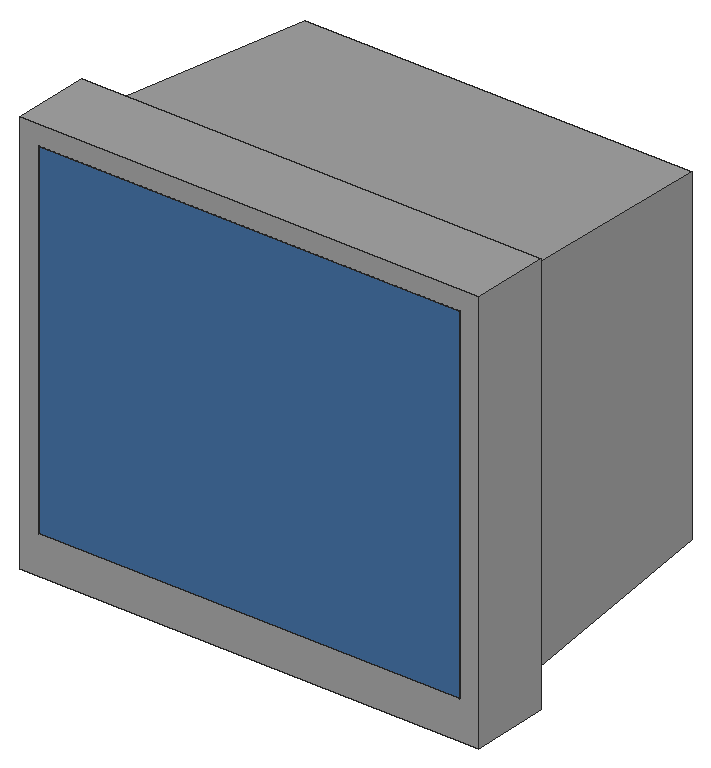
Revit family
Parameters (values of type "935mm Width")
  Material Screen = none
  Material = Plastic - Gray
  Keynote = "N"
  Depth = 635.00 mm
  Height = 825.00 mm
  Width = 935.00 mm
  Assembly Code = ""
Types (4, lengths in mm): name | Material Screen | Depth | Height | Width
  648mm Width | none | 513.00 | 595.00 | 648.00
  520mm Width | none | 468.00 | 445.00 | 520.00
  754mm Width | Glass - Grey, Dark | 546.00 | 686.00 | 754.00
  935mm Width | none | 635.00 | 825.00 | 935.00
Reference planes
  plane 1 "Center (Front/Back)": y = 0
  plane 2: z = 0
  plane 3 "Center (Left/Right)": x = 0
  plane 4: z = 825
  plane 5: y = -349.25
  plane 6: x = 467.5
  plane 7: x = -467.5
  plane 8: y = -190.5
  plane 9: x = -429.4
  plane 10: x = 429.4
  plane 11: x = -394.475
  plane 12: x = 394.475
  plane 13: z = 38.1
  plane 14: z = 76.2
  plane 15: z = 786.106
  plane 16: z = 748.006
  plane 17: y = 127
  plane 18: y = 285.75
  plane 19: y = -31.75
Forms (mm)
  Extrusion 1, solid, material "Plastic - Gray" <- "Material"
    sketch origin (0, 0, 0) x (1, 0, 0) y (0, 1, 0)
      loop
        line (-467.5, -190.5) -> (-467.5, -349.25) -> (467.5, -349.25) -> (467.5, -190.5) -> (-467.5, -190.5)
    from 0 to 825
  Blend 2, solid, material "Plastic - Gray" <- "Material"
    base sketch origin (-467.5, -349.25, 825) x (0, 0, -1) y (1, 0, 0)
      loop
        line (38.894, 38.1) -> (786.9, 38.1) -> (786.9, 896.9) -> (38.894, 896.9) -> (38.894, 38.1)
    top sketch origin (-467.5, -349.25, 825) x (0, 0, -1) y (1, 0, 0)
      loop
        line (76.994, 73.025) -> (748.8, 73.025) -> (748.8, 861.975) -> (76.994, 861.975) -> (76.994, 73.025)
    from -158.75 to -635
  Extrusion 3, void
    sketch origin (-467.5, -349.25, 825) x (0, 0, 1) y (1, 0, 0)
      loop
        line (-38.894, 38.1) -> (-38.894, 896.9) -> (-748.8, 896.9) -> (-748.8, 38.1) -> (-38.894, 38.1)
    from 0 to 14.728
  Extrusion 4, solid, material <- "Material Screen"
    sketch origin (-467.5, -349.25, 825) x (0, 0, -1) y (1, 0, 0)
      loop
        line (38.894, 38.1) -> (748.8, 38.1) -> (748.8, 896.9) -> (38.894, 896.9) -> (38.894, 38.1)
    from -14.728 to 0
Cuts and joins
  Extrusion 3 cuts Extrusion 1
  Extrusion 3 cuts Blend 2
Lines and regions (mm)
  Masking region 1
    outline origin (0, 0, 0) x (1, 0, 0) y (0, 1, 0)
      loop
        line (-394.475, 285.75) -> (-429.4, -190.5) -> (-467.5, -190.5) -> (-467.5, -349.25) -> (467.5, -349.25) -> (467.5, -189.25) -> (427.5, -189.25) -> (392.667, 285.75) -> (-394.475, 285.75)
  model lines
    curve 1: line (-429.4, -349.25, 76.2) -> (429.4, -349.25, 76.2)
    curve 2: line (-429.4, -349.25, 786.106) -> (-429.4, -349.25, 76.2)
    curve 3: line (429.4, -349.25, 786.106) -> (-429.4, -349.25, 786.106)
    curve 4: line (429.4, -349.25, 76.2) -> (429.4, -349.25, 786.106)
  symbolic lines
    curve 5: line (467.398, -349.25, 0) -> (-467.5, -349.25, 0)
    curve 6: line (-467.5, -349.25, 0) -> (-467.5, -190.5, 0)
    curve 7: line (-467.5, -190.5, 0) -> (-429.4, -190.5, 0)
    curve 8: line (-429.4, -190.5, 0) -> (-394.475, 285.75, 0)
    curve 9: line (-394.475, 285.75, 0) -> (394.475, 285.75, 0)
    curve 10: line (394.475, 285.75, 0) -> (429.4, -190.5, 0)
    curve 11: line (429.4, -190.5, 0) -> (467.398, -193.287, 0)
    curve 12: line (467.398, -193.287, 0) -> (467.398, -349.25, 0)
    curve 13: line (-429.4, -190.5, 0) -> (429.4, -190.5, 0)
Dimensions and locks
  "Width": plane 7 to plane 6
  "Height": plane 4 to plane 2
  equal spacing: plane 7, plane 3 "Center (Left/Right)", plane 6
  plane 9 to plane 10 = 858.80 mm
  "Depth": plane 5 to plane 18
  equal spacing: plane 5, plane 8, plane 19, plane 17, plane 18
  locked: plane 7 to plane 9 at 38.1
  locked: plane 10 to plane 6 at 38.1
  locked: plane 15 to plane 4 at 38.894
  locked: plane 2 to plane 13 at 38.1
  locked: plane 9 to plane 11 at 34.925
  locked: plane 12 to plane 10 at 34.925
  locked: plane 16 to plane 15 at 38.1
  locked: plane 13 to plane 14 at 38.1
  aligned and locked: Extrusion 1 to plane 4
  aligned and locked: plane 9 to curve 1
  aligned and locked: plane 14 to curve 1
  aligned and locked: Blend 2 sketch curve to curve 2
  aligned and locked: Blend 2 to plane 18
  aligned and locked: plane 8 to Blend 2
  aligned and locked: Extrusion 3 sketch curve to curve 2
  aligned and locked: curve 1 to Extrusion 3 sketch curve
  aligned and locked: Extrusion 3 sketch curve to curve 4
  aligned and locked: Extrusion 4 sketch curve to curve 2
  aligned and locked: Extrusion 4 sketch curve to cut or joined group of Extrusion 1, Extrusion 3
  aligned and locked: Extrusion 4 sketch curve to curve 4
  aligned and locked: Extrusion 4 to cut or joined group of Extrusion 1, Extrusion 3
  aligned and locked: plane 5 to Extrusion 4
Automatic sketch dimensions
  Extrusion 1 sketch curve to plane 5 = 0.00 mm
  Extrusion 1 sketch curve to plane 7 = 0.00 mm
  Extrusion 1 sketch curve to plane 6 = 0.00 mm
  Extrusion 1 sketch curve to plane 8 = 0.00 mm
  curve 3 to plane 15 = 0.00 mm
  curve 3 to plane 10 = 0.00 mm
  Blend 2 sketch curve to plane 10 = 0.00 mm
  Blend 2 sketch curve to plane 15 = 0.00 mm
  Blend 2 sketch curve to plane 13 = 0.00 mm
  Blend 2 sketch curve to plane 12 = 0.00 mm
  Blend 2 sketch curve to plane 16 = 0.00 mm
  Blend 2 sketch curve to plane 11 = 0.00 mm
  Blend 2 sketch curve to plane 14 = 0.00 mm
  Extrusion 3 sketch curve to plane 15 = 0.00 mm
  Extrusion 4 sketch curve to plane 15 = 0.00 mm
  Masking region 1 sketch curve to plane 5 = 0.00 mm
  Masking region 1 sketch curve to plane 7 = 0.00 mm
  Masking region 1 sketch curve to plane 8 = 0.00 mm
  Masking region 1 sketch curve to plane 9 = 0.00 mm
  Masking region 1 sketch curve to plane 11 = 0.00 mm
  Masking region 1 sketch curve to plane 6 = 0.00 mm
  Masking region 1 sketch curve to plane 18 = 0.00 mm
  Masking region 1 sketch curve to plane 12 = 1.808 mm
  Masking region 1 sketch curve to plane 10 = 1.90 mm
  Masking region 1 sketch curve to plane 8 = 1.25 mm
  curve 5 to plane 5 = 0.00 mm
  curve 5 to plane 7 = 0.00 mm
  curve 7 to plane 9 = 0.00 mm
  curve 13 to plane 8 = 0.00 mm
  curve 8 to plane 11 = 0.00 mm
  curve 10 to plane 12 = 0.00 mm
  curve 13 to plane 10 = 0.00 mm
  curve 9 to plane 18 = 0.00 mm
  curve 12 to plane 6 = 0.102 mm
  plane 8 to curve 12 = 2.787 mm
